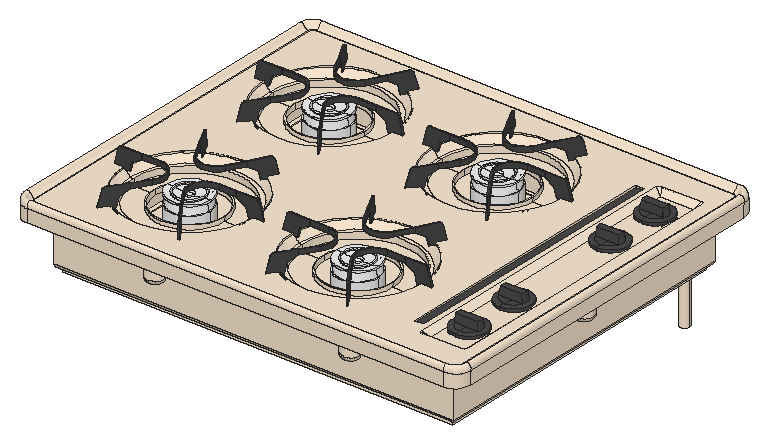
Revit family "QF_Summit_SNL03P_Cooktop", category Specialty Equipment, Revit 2020
Family settings
  Round Connector Dimension = Use Diameter
  Part Type = Normal
  Work Plane-Based = No
  Always vertical = Yes
  Cut with Voids When Loaded = No
  Shared = No
  Room Calculation Point = No
Parameters
  Weight in Pounds = 27
  URL Cutsheet = ""
  Specification by User = ""
  Specification by Manufacturer = ""
  Serial Number = ""
  Seismic Rating = ""
  SMACNA No = ""
  Revision Code = ""
  Plumbing Remarks = ""
  Plumbing Connection Type = ""
  NAFEM Spec ID Number = ""
  Model = "SNL03P"
  Masterspec = ""
  Manufacturer = "Summit"
  Length = 24"
  Item Number = ""
  Installed By = ""
  Identify Quantity as Lot = yes
  Height = 3 3/4"
  Gas Size = 0"
  Gas RI Height = 0"
  Gas KW = 0
  Gas Input = 9000.0 Btu/h
  Gas Connection Height = 0"
  Furnished By = ""
  Foodservice Equipment Identifier = yes
  Description = "Cooktop"
  Depth = 20"
  Default Elevation = 0"
  CSI MasterFormat = ""
Reference planes (in)
  plane 1 "BACK": y = 0
  plane 2: z = 0
  plane 3 "LEFT": x = 0
  plane 4 "RIGHT": x = 24
  plane 5 "FRONT": y = -20
  plane 6 "TOP": z = 3.75
  plane 7 "Center Y": x = 12
  plane 8 "Center X": y = -10
  plane 9: z = 2.75
  plane 10: z = 0.25
  plane 11: z = -2.75
Forms (in)
  Sweep 1, solid, material "QF_Plastic_Bisque_Smooth"
    path origin (0, 0, 3.74988) x (-1, 0, 0) y (0, -1, 0)
      loop
        line (-0.0625, 0.8125) -> (-0.0625, 19.1875)
        arc (-0.0625, 19.1875) -> (-0.28217, 19.71783) -> (-0.8125, 19.9375) r 0.75
        line (-0.8125, 19.9375) -> (-23.1875, 19.9375)
        arc (-23.1875, 19.9375) -> (-23.71783, 19.71783) -> (-23.9375, 19.1875) r 0.75
        line (-23.9375, 19.1875) -> (-23.9375, 0.8125)
        arc (-23.9375, 0.8125) -> (-23.71783, 0.28217) -> (-23.1875, 0.0625) r 0.75
        line (-23.1875, 0.0625) -> (-0.8125, 0.0625)
        arc (-0.8125, 0.0625) -> (-0.28217, 0.28217) -> (-0.0625, 0.8125) r 0.75
    profile origin (0.0625, -10, 3.74988) x (1, 0, 0) y (0, 0, 1)
      loop
        line (0.50007, -0.99988) -> (0.50007, -0.24988)
        spline (0.50007, -0.24988) -> (0.38683, -0.22526) -> (0.30986, -0.16677) -> (0.25459, -0.09746) -> (0.20654, -0.0403) -> (0.15715, -0.00897) -> (0.1083, -0.00102) -> (0.06291, -0.01235) -> (0.02367, -0.03905) -> (-0.00886, -0.07917) -> (-0.03532, -0.13183) -> (-0.05489, -0.20201) -> (-0.06266, -0.31115)
        line (-0.06266, -0.31115) -> (-0.06266, -0.99988) -> (0.50007, -0.99988)
  Extrusion 2, solid, material "QF_Plastic_Bisque_Smooth"
    sketch origin (23.1875, -0.5625, 3.24988) x (0, 1, 0) y (1, 0, 0)
      loop
        circle (-4.74127, -17.90956) r 3.49904
      loop
        line (-18.875, 0) -> (-18.875, -22.375)
        arc (-18.875, -22.375) -> (-18.80178, -22.55178) -> (-18.625, -22.625) r 0.25
        line (-18.625, -22.625) -> (-0.25, -22.625)
        arc (-0.25, -22.625) -> (-0.07322, -22.55178) -> (0, -22.375) r 0.25
        line (0, -22.375) -> (0, 0)
        arc (0, 0) -> (-0.07322, 0.17678) -> (-0.25, 0.25) r 0.25
        line (-0.25, 0.25) -> (-18.625, 0.25)
        arc (-18.625, 0.25) -> (-18.80178, 0.17678) -> (-18.875, 0) r 0.25
      loop
        circle (-4.74127, -8.85096) r 3.49904
      loop
        circle (-14.13373, -17.90956) r 3.49904
      loop
        circle (-14.13373, -8.85096) r 3.49904
    from 0.49988 to -0.25012
  Blend 3, void
    base sketch origin (23.18874, -0.56796, 3.54988) x (0, 1, 0) y (-1, 0, 0)
      loop
        arc (-1.25, 2.75) -> (-1.32322, 2.92678) -> (-1.5, 3) r 0.25
        line (-1.5, 3) -> (-17.375, 3)
        arc (-17.375, 3) -> (-17.55178, 2.92678) -> (-17.625, 2.75) r 0.25
        line (-17.625, 2.75) -> (-17.625, 0.5)
        arc (-17.625, 0.5) -> (-17.55178, 0.32322) -> (-17.375, 0.25) r 0.25
        line (-17.375, 0.25) -> (-1.5, 0.25)
        arc (-1.5, 0.25) -> (-1.32322, 0.32322) -> (-1.25, 0.5) r 0.25
        line (-1.25, 0.5) -> (-1.25, 2.75)
    top sketch origin (23.18874, -0.56796, 3.54988) x (0, 1, 0) y (-1, 0, 0)
      loop
        line (-1.71875, 2.53125) -> (-17.15625, 2.53125) -> (-17.15625, 0.71875) -> (-1.71875, 0.71875) -> (-1.71875, 2.53125)
    from 0.0625 to -0.31152
  Extrusion 4, void
    sketch origin (23.18874, -0.56796, 3.54988) x (0, 1, 0) y (-1, 0, 0)
      loop
        arc (-2, 3.5625) -> (-2.01831, 3.60669) -> (-2.0625, 3.625) r 0.0625
        line (-2.0625, 3.625) -> (-16.8125, 3.625)
        arc (-16.8125, 3.625) -> (-16.85669, 3.60669) -> (-16.875, 3.5625) r 0.0625
        line (-16.875, 3.5625) -> (-16.875, 3.1875)
        arc (-16.875, 3.1875) -> (-16.85669, 3.14331) -> (-16.8125, 3.125) r 0.0625
        line (-16.8125, 3.125) -> (-2.0625, 3.125)
        arc (-2.0625, 3.125) -> (-2.01831, 3.14331) -> (-2, 3.1875) r 0.0625
        line (-2, 3.1875) -> (-2, 3.5625)
    from 0.0625 to -0.125
  Revolve 5, solid, material "QF_Plastic_Black_Smooth"
    sketch origin (21.56528, -3, 0.23835) x (0, 1, 0) y (0, 0, 1)
      loop
        line (-0.75736, 3) -> (-0.50736, 3) -> (-0.50736, 3.07947) -> (0.15671, 3.07947) -> (0.15671, 3.2014)
        arc (0.15671, 3.2014) -> (0.03405, 3.23774) -> (-0.09329, 3.25) r 0.66737
        line (-0.09329, 3.25) -> (-0.75736, 3.25) -> (-0.75736, 3)
      axis (-0.75736, 3.25) -> (-0.75736, 3)
    angle from 0 to 360
  Blend 6, solid, material "QF_Plastic_Black_Smooth"
    base sketch origin (0, -3, 3.98835) x (-1, 0, 0) y (0, -1, 0)
      loop
        arc (-20.9318, 0.55812) -> (-20.90121, 0.75736) -> (-20.9318, 0.95659) r 0.66406
        line (-20.9318, 0.95659) -> (-22.19875, 0.95659)
        arc (-22.19875, 0.95659) -> (-22.22934, 0.75736) -> (-22.19875, 0.55812) r 0.66406
        line (-22.19875, 0.55812) -> (-20.9318, 0.55812)
    top sketch origin (0, -3, 3.98835) x (-1, 0, 0) y (0, -1, 0)
      loop
        arc (-20.98589, 0.57514) -> (-20.95791, 0.75736) -> (-20.98589, 0.93958) r 0.60736
        line (-20.98589, 0.93958) -> (-22.14466, 0.93958)
        arc (-22.14466, 0.93958) -> (-22.17264, 0.75736) -> (-22.14466, 0.57514) r 0.60736
        line (-22.14466, 0.57514) -> (-20.98589, 0.57514)
    from -0.5 to -0.05271
  Revolve 7, solid, material "QF_Plastic_Black_Smooth", not visible
    sketch origin (21.56528, -3, 0) x (0, 1, 0) y (0, 0, 1)
      loop
        line (-0.75736, 3) -> (-0.50736, 3) -> (-0.50736, 3.07947) -> (0.15671, 3.07947) -> (0.15671, 3.2014)
        arc (0.15671, 3.2014) -> (0.03405, 3.23774) -> (-0.09329, 3.25) r 0.66737
        line (-0.09329, 3.25) -> (-0.75736, 3.25) -> (-0.75736, 3)
      axis (-0.75736, 3.25) -> (-0.75736, 3)
    angle from 0 to 360
  Blend 8, solid, material "QF_Plastic_Black_Smooth", not visible
    base sketch origin (0, -3, 3.75) x (-1, 0, 0) y (0, -1, 0)
      loop
        arc (-20.9318, 0.55812) -> (-20.90121, 0.75736) -> (-20.9318, 0.95659) r 0.66406
        line (-20.9318, 0.95659) -> (-22.19875, 0.95659)
        arc (-22.19875, 0.95659) -> (-22.22934, 0.75736) -> (-22.19875, 0.55812) r 0.66406
        line (-22.19875, 0.55812) -> (-20.9318, 0.55812)
    top sketch origin (0, -3, 3.75) x (-1, 0, 0) y (0, -1, 0)
      loop
        arc (-20.98589, 0.57514) -> (-20.95791, 0.75736) -> (-20.98589, 0.93958) r 0.60736
        line (-20.98589, 0.93958) -> (-22.14466, 0.93958)
        arc (-22.14466, 0.93958) -> (-22.17264, 0.75736) -> (-22.14466, 0.57514) r 0.60736
        line (-22.14466, 0.57514) -> (-20.98589, 0.57514)
    from -0.5 to -0.05271
  Revolve 9, solid, material "QF_Plastic_Black_Smooth"
    sketch origin (21.56309, -3.00158, 0.23835) x (0, 1, 0) y (0, 0, 1)
      loop
        line (-3.75736, 3) -> (-3.50736, 3) -> (-3.50736, 3.07947) -> (-2.84329, 3.07947) -> (-2.84329, 3.2014)
        arc (-2.84329, 3.2014) -> (-2.96595, 3.23774) -> (-3.09329, 3.25) r 0.66737
        line (-3.09329, 3.25) -> (-3.75736, 3.25) -> (-3.75736, 3)
      axis (-3.75736, 3.25) -> (-3.75736, 3)
    angle from 0 to 360
  Blend 10, solid, material "QF_Plastic_Black_Smooth"
    base sketch origin (-0.00218, -3.00158, 3.98835) x (-1, 0, 0) y (0, -1, 0)
      loop
        arc (-20.9318, 3.55812) -> (-20.90121, 3.75736) -> (-20.9318, 3.95659) r 0.66406
        line (-20.9318, 3.95659) -> (-22.19875, 3.95659)
        arc (-22.19875, 3.95659) -> (-22.22934, 3.75736) -> (-22.19875, 3.55812) r 0.66406
        line (-22.19875, 3.55812) -> (-20.9318, 3.55812)
    top sketch origin (-0.00218, -3.00158, 3.98835) x (-1, 0, 0) y (0, -1, 0)
      loop
        arc (-20.98589, 3.57514) -> (-20.95791, 3.75736) -> (-20.98589, 3.93958) r 0.60736
        line (-20.98589, 3.93958) -> (-22.14466, 3.93958)
        arc (-22.14466, 3.93958) -> (-22.17264, 3.75736) -> (-22.14466, 3.57514) r 0.60736
        line (-22.14466, 3.57514) -> (-20.98589, 3.57514)
    from -0.5 to -0.05271
  Revolve 11, solid, material "QF_Plastic_Black_Smooth"
    sketch origin (21.56309, -6.00158, 0.23835) x (0, 1, 0) y (0, 0, 1)
      loop
        line (-10.24264, 3) -> (-10.24264, 3.25) -> (-10.90671, 3.25)
        arc (-10.90671, 3.25) -> (-11.03405, 3.23774) -> (-11.15671, 3.2014) r 0.66737
        line (-11.15671, 3.2014) -> (-11.15671, 3.07947) -> (-10.49264, 3.07947) -> (-10.49264, 3) -> (-10.24264, 3)
      axis (-10.24264, 3.25) -> (-10.24264, 3)
    angle from 0 to 360
  Blend 12, solid, material "QF_Plastic_Black_Smooth"
    base sketch origin (-0.00218, -6.00158, 3.98835) x (-1, 0, 0) y (0, -1, 0)
      loop
        line (-20.9318, 10.44188) -> (-22.19875, 10.44188)
        arc (-22.19875, 10.44188) -> (-22.22934, 10.24264) -> (-22.19875, 10.04341) r 0.66406
        line (-22.19875, 10.04341) -> (-20.9318, 10.04341)
        arc (-20.9318, 10.04341) -> (-20.90121, 10.24264) -> (-20.9318, 10.44188) r 0.66406
    top sketch origin (-0.00218, -6.00158, 3.98835) x (-1, 0, 0) y (0, -1, 0)
      loop
        line (-20.98589, 10.42486) -> (-22.14466, 10.42486)
        arc (-22.14466, 10.42486) -> (-22.17264, 10.24264) -> (-22.14466, 10.06042) r 0.60736
        line (-22.14466, 10.06042) -> (-20.98589, 10.06042)
        arc (-20.98589, 10.06042) -> (-20.95791, 10.24264) -> (-20.98589, 10.42486) r 0.60736
    from -0.5 to -0.05271
  Revolve 13, solid, material "QF_Plastic_Black_Smooth"
    sketch origin (21.56309, -3.00158, 0.23835) x (0, 1, 0) y (0, 0, 1)
      loop
        line (-10.24264, 3) -> (-10.24264, 3.25) -> (-10.90671, 3.25)
        arc (-10.90671, 3.25) -> (-11.03405, 3.23774) -> (-11.15671, 3.2014) r 0.66737
        line (-11.15671, 3.2014) -> (-11.15671, 3.07947) -> (-10.49264, 3.07947) -> (-10.49264, 3) -> (-10.24264, 3)
      axis (-10.24264, 3.25) -> (-10.24264, 3)
    angle from 0 to 360
  Blend 14, solid, material "QF_Plastic_Black_Smooth"
    base sketch origin (-0.00218, -3.00158, 3.98835) x (-1, 0, 0) y (0, -1, 0)
      loop
        line (-20.9318, 10.44188) -> (-22.19875, 10.44188)
        arc (-22.19875, 10.44188) -> (-22.22934, 10.24264) -> (-22.19875, 10.04341) r 0.66406
        line (-22.19875, 10.04341) -> (-20.9318, 10.04341)
        arc (-20.9318, 10.04341) -> (-20.90121, 10.24264) -> (-20.9318, 10.44188) r 0.66406
    top sketch origin (-0.00218, -3.00158, 3.98835) x (-1, 0, 0) y (0, -1, 0)
      loop
        line (-20.98589, 10.42486) -> (-22.14466, 10.42486)
        arc (-22.14466, 10.42486) -> (-22.17264, 10.24264) -> (-22.14466, 10.06042) r 0.60736
        line (-22.14466, 10.06042) -> (-20.98589, 10.06042)
        arc (-20.98589, 10.06042) -> (-20.95791, 10.24264) -> (-20.98589, 10.42486) r 0.60736
    from -0.5 to -0.05271
  Revolve 15, solid, material "QF_Plastic_Black_Smooth", not visible
    sketch origin (21.56528, -20.00316, 0) x (0, 1, 0) y (0, 0, 1)
      loop
        line (16.2458, 3) -> (16.4958, 3) -> (16.4958, 3.07947) -> (17.15986, 3.07947) -> (17.15986, 3.2014)
        arc (17.15986, 3.2014) -> (17.0372, 3.23774) -> (16.90986, 3.25) r 0.66737
        line (16.90986, 3.25) -> (16.2458, 3.25) -> (16.2458, 3)
      axis (16.2458, 3.25) -> (16.2458, 3)
    angle from 0 to 360
  Blend 16, solid, material "QF_Plastic_Black_Smooth", not visible
    base sketch origin (0, -20.00316, 3.75) x (-1, 0, 0) y (0, -1, 0)
      loop
        arc (-20.9318, -16.44503) -> (-20.90121, -16.2458) -> (-20.9318, -16.04657) r 0.66406
        line (-20.9318, -16.04657) -> (-22.19875, -16.04657)
        arc (-22.19875, -16.04657) -> (-22.22934, -16.2458) -> (-22.19875, -16.44503) r 0.66406
        line (-22.19875, -16.44503) -> (-20.9318, -16.44503)
    top sketch origin (0, -20.00316, 3.75) x (-1, 0, 0) y (0, -1, 0)
      loop
        arc (-20.98589, -16.42802) -> (-20.95791, -16.2458) -> (-20.98589, -16.06358) r 0.60736
        line (-20.98589, -16.06358) -> (-22.14466, -16.06358)
        arc (-22.14466, -16.06358) -> (-22.17264, -16.2458) -> (-22.14466, -16.42802) r 0.60736
        line (-22.14466, -16.42802) -> (-20.98589, -16.42802)
    from -0.5 to -0.05271
  Extrusion 17, solid, material "QF_Plastic_Bisque_Smooth"
    sketch origin (9.68847, 8.08075, 0) x (-1, 0, 0) y (0, 1, 0)
      loop
        circle (-12, -10) r 0.25
    from -0.25 to 2.75
  Sweep 18, solid, material "QF_Plastic_Bisque_Smooth"
    path origin (0, 0, 0) x (1, 0, 0) y (0, 1, 0)
      loop
        line (22.75, -1.25) -> (1.25, -1.25) -> (1.25, -18.75) -> (22.75, -18.75) -> (22.75, -1.25)
    profile origin (22.75, -10, 0) x (1, 0, 0) y (0, 0, 1)
      loop
        line (-0.25, 0) -> (-0.25, 0.25) -> (-0.13174, 0.25)
        arc (-0.13174, 0.25) -> (-0.03859, 0.28859) -> (0, 0.38174) r 0.13174
        line (0, 0.38174) -> (0, 2.75) -> (-0.125, 2.75) -> (-0.125, 0.375) -> (-0.375, 0.375) -> (-0.375, 0) -> (-0.25, 0)
  Extrusion 19, solid, material "QF_Plastic_Bisque_Smooth"
    sketch origin (22.375, -1.625, 0.375) x (0, -1, 0) y (1, 0, 0)
      loop
        line (0, -20.75) -> (16.75, -20.75) -> (16.75, 0) -> (0, 0) -> (0, -20.75)
    from 0 to -0.125
  Extrusion 20, solid, material "QF_Plastic_Bisque_Smooth"
    sketch origin (22.375, -1.625, 0.25) x (1, 0, 0) y (0, -1, 0)
      loop
        circle (-1.43653, 0.29425) r 0.25
    from 0 to 0.0625
  Revolve 21, solid, material "QF_Plastic_Bisque_Smooth"
    sketch origin (0, -10, 0) x (1, 0, 0) y (0, 0, 1)
      loop
        line (1.25, 2.75) -> (0.75, 2.75) -> (0.75, 1.75)
        arc (0.75, 1.75) -> (0.8255, 1.58445) -> (1, 1.5329) r 0.21926
        line (1, 1.5329) -> (1.25, 1.5329) -> (1.25, 2.75)
      axis (1.25, 1.5329) -> (1.25, 2.75)
    angle from -90 to 90
  Revolve 22, solid, material "QF_Plastic_Bisque_Smooth"
    sketch origin (24, -10, 0) x (-1, 0, 0) y (0, 0, -1)
      loop
        line (1.25, -2.75) -> (1.25, -1.5329) -> (1, -1.5329)
        arc (1, -1.5329) -> (0.8255, -1.58445) -> (0.75, -1.75) r 0.21926
        line (0.75, -1.75) -> (0.75, -2.75) -> (1.25, -2.75)
      axis (1.25, -1.5329) -> (1.25, -2.75)
    angle from -90 to 90
  Revolve 23, solid, material "QF_Plastic_Bisque_Smooth"
    sketch origin (18.44698, -1.25, 0) x (-1, 0, 0) y (0, 0, -1)
      loop
        line (1.25, -2.75) -> (1.25, -1.5329) -> (1, -1.5329)
        arc (1, -1.5329) -> (0.8255, -1.58445) -> (0.75, -1.75) r 0.21926
        line (0.75, -1.75) -> (0.75, -2.75) -> (1.25, -2.75)
      axis (1.25, -1.5329) -> (1.25, -2.75)
    angle from 0 to 180
  Revolve 24, solid, material "QF_Plastic_Bisque_Smooth"
    sketch origin (7.94698, -1.25, 0) x (-1, 0, 0) y (0, 0, -1)
      loop
        line (1.25, -2.75) -> (1.25, -1.5329) -> (1, -1.5329)
        arc (1, -1.5329) -> (0.8255, -1.58445) -> (0.75, -1.75) r 0.21926
        line (0.75, -1.75) -> (0.75, -2.75) -> (1.25, -2.75)
      axis (1.25, -1.5329) -> (1.25, -2.75)
    angle from 0 to 180
  Revolve 25, solid, material "QF_Plastic_Bisque_Smooth"
    sketch origin (18.44698, -18.75, 0) x (-1, 0, 0) y (0, 0, 1)
      loop
        line (1.25, 2.75) -> (0.75, 2.75) -> (0.75, 1.75)
        arc (0.75, 1.75) -> (0.8255, 1.58445) -> (1, 1.5329) r 0.21926
        line (1, 1.5329) -> (1.25, 1.5329) -> (1.25, 2.75)
      axis (1.25, 1.5329) -> (1.25, 2.75)
    angle from 0 to 180
  Revolve 26, solid, material "QF_Plastic_Bisque_Smooth"
    sketch origin (7.94698, -18.75, 0) x (-1, 0, 0) y (0, 0, 1)
      loop
        line (1.25, 2.75) -> (0.75, 2.75) -> (0.75, 1.75)
        arc (0.75, 1.75) -> (0.8255, 1.58445) -> (1, 1.5329) r 0.21926
        line (1, 1.5329) -> (1.25, 1.5329) -> (1.25, 2.75)
      axis (1.25, 1.5329) -> (1.25, 2.75)
    angle from 0 to 180
Cuts and joins
  Blend 3, Extrusion 4 cuts Extrusion 2
Lines and regions (in)
  symbolic lines
    curve 1: arc (21.56528, -2.84329, 3.98835) -> (20.65121, -3.75736, 3.98835) -> (21.56528, -4.67142, 3.98835) r 0.91406
    curve 2: arc (21.56528, -4.67142, 3.98835) -> (22.47934, -3.75736, 3.98835) -> (21.56528, -2.84329, 3.98835) r 0.91406
    curve 3: line (20.9318, -3.55812, 3.98835) -> (22.19875, -3.55812, 3.98835)
    curve 4: line (22.19875, -3.95659, 3.98835) -> (20.9318, -3.95659, 3.98835)
    curve 5: arc (20.9318, -3.55812, 3.98835) -> (20.90121, -3.75736, 3.98835) -> (20.9318, -3.95659, 3.98835) r 0.66406
    curve 6: arc (22.19875, -3.95659, 3.98835) -> (22.22934, -3.75736, 3.98835) -> (22.19875, -3.55812, 3.98835) r 0.66406
    curve 13: arc (21.56309, -5.84487, 3.98835) -> (20.64903, -6.75893, 3.98835) -> (21.56309, -7.673, 3.98835) r 0.91406
    curve 14: arc (21.56309, -7.673, 3.98835) -> (22.47716, -6.75893, 3.98835) -> (21.56309, -5.84487, 3.98835) r 0.91406
    curve 15: line (20.92962, -6.5597, 3.98835) -> (22.19657, -6.5597, 3.98835)
    curve 16: line (22.19657, -6.95817, 3.98835) -> (20.92962, -6.95817, 3.98835)
    curve 17: arc (20.92962, -6.5597, 3.98835) -> (20.89903, -6.75893, 3.98835) -> (20.92962, -6.95817, 3.98835) r 0.66406
    curve 18: arc (22.19657, -6.95817, 3.98835) -> (22.22716, -6.75893, 3.98835) -> (22.19657, -6.5597, 3.98835) r 0.66406
    curve 19: arc (21.56309, -17.15828, 3.98835) -> (20.64903, -16.24422, 3.98835) -> (21.56309, -15.33016, 3.98835) r 0.91406
    curve 20: arc (21.56309, -15.33016, 3.98835) -> (22.47716, -16.24422, 3.98835) -> (21.56309, -17.15828, 3.98835) r 0.91406
    curve 21: line (20.92962, -16.44345, 3.98835) -> (22.19657, -16.44345, 3.98835)
    curve 22: line (22.19657, -16.04499, 3.98835) -> (20.92962, -16.04499, 3.98835)
    curve 23: arc (20.92962, -16.44345, 3.98835) -> (20.89903, -16.24422, 3.98835) -> (20.92962, -16.04499, 3.98835) r 0.66406
    curve 24: arc (22.19657, -16.04499, 3.98835) -> (22.22716, -16.24422, 3.98835) -> (22.19657, -16.44345, 3.98835) r 0.66406
    curve 25: arc (21.56309, -14.15828, 3.98835) -> (20.64903, -13.24422, 3.98835) -> (21.56309, -12.33016, 3.98835) r 0.91406
    curve 26: arc (21.56309, -12.33016, 3.98835) -> (22.47716, -13.24422, 3.98835) -> (21.56309, -14.15828, 3.98835) r 0.91406
    curve 27: line (20.92962, -13.44345, 3.98835) -> (22.19657, -13.44345, 3.98835)
    curve 28: line (22.19657, -13.04499, 3.98835) -> (20.92962, -13.04499, 3.98835)
    curve 29: arc (20.92962, -13.44345, 3.98835) -> (20.89903, -13.24422, 3.98835) -> (20.92962, -13.04499, 3.98835) r 0.66406
    curve 30: arc (22.19657, -13.04499, 3.98835) -> (22.22716, -13.24422, 3.98835) -> (22.19657, -13.44345, 3.98835) r 0.66406
    curve 37: line (0.5625, -0.8125, 0) -> (0.5625, -19.1875, 0)
    curve 38: line (23.1875, -0.5625, 0) -> (0.8125, -0.5625, 0)
    curve 39: arc (0.5625, -0.8125, 0) -> (0.63572, -0.63572, 0) -> (0.8125, -0.5625, 0) r 0.25
    curve 40: arc (23.1875, -0.5625, 0) -> (23.36428, -0.63572, 0) -> (23.4375, -0.8125, 0) r 0.25
    curve 41: line (23.4375, -19.1875, 0) -> (23.4375, -0.8125, 0)
    curve 42: line (22.46999, -2.28671, 0) -> (20.65749, -2.28671, 0)
    curve 43: line (20.65749, -2.28671, 0) -> (20.65749, -17.72421, 0)
    curve 44: line (20.65749, -17.72421, 0) -> (22.46999, -17.72421, 0)
    curve 45: line (22.46999, -17.72421, 0) -> (22.46999, -2.28671, 0)
    curve 46: line (20.50446, -1.9588, 0) -> (22.62302, -1.9588, 0)
    curve 47: arc (22.62302, -1.9588, 0) -> (22.74668, -2.01002, 0) -> (22.7979, -2.13368, 0) r 0.17489
    curve 48: line (22.7979, -2.13368, 0) -> (22.7979, -17.87723, 0)
    curve 49: arc (22.7979, -17.87723, 0) -> (22.74668, -18.0009, 0) -> (22.62302, -18.05212, 0) r 0.17489
    curve 50: line (22.62302, -18.05212, 0) -> (20.50446, -18.05212, 0)
    curve 51: arc (20.50446, -18.05212, 0) -> (20.3808, -18.0009, 0) -> (20.32958, -17.87723, 0) r 0.17489
    curve 52: line (20.32958, -17.87723, 0) -> (20.32958, -2.13368, 0)
    curve 53: arc (20.32958, -2.13368, 0) -> (20.3808, -2.01002, 0) -> (20.50446, -1.9588, 0) r 0.17489
    curve 54: line (19.56374, -17.38046, 0) -> (19.56374, -2.63046, 0)
    curve 55: arc (19.56374, -2.63046, 0) -> (19.58205, -2.58626, 0) -> (19.62624, -2.56796, 0) r 0.0625
    curve 56: line (19.62624, -2.56796, 0) -> (20.00124, -2.56796, 0)
    curve 57: arc (20.00124, -2.56796, 0) -> (20.04543, -2.58626, 0) -> (20.06374, -2.63046, 0) r 0.0625
    curve 58: line (20.06374, -2.63046, 0) -> (20.06374, -17.38046, 0)
    curve 59: arc (20.06374, -17.38046, 0) -> (20.04543, -17.42465, 0) -> (20.00124, -17.44296, 0) r 0.0625
    curve 60: line (20.00124, -17.44296, 0) -> (19.62624, -17.44296, 0)
    curve 61: arc (19.62624, -17.44296, 0) -> (19.58205, -17.42465, 0) -> (19.56374, -17.38046, 0) r 0.0625
    curve 62: line (0.8125, -19.4375, 0) -> (23.1875, -19.4375, 0)
    curve 63: arc (23.4375, -19.1875, 0) -> (23.36428, -19.36428, 0) -> (23.1875, -19.4375, 0) r 0.25
    curve 64: arc (0.8125, -19.4375, 0) -> (0.63572, -19.36428, 0) -> (0.5625, -19.1875, 0) r 0.25
    curve 65: line (-0.00016, -19.1875, 0) -> (-0.00016, -0.8125, 0)
    curve 66: arc (-0.00016, -0.8125, 0) -> (0.23786, -0.23786, 0) -> (0.8125, 0.00016, 0) r 0.81266
    curve 67: line (0.8125, 0.00016, 0) -> (23.1875, 0.00016, 0)
    curve 68: arc (23.1875, 0.00016, 0) -> (23.76214, -0.23786, 0) -> (24.00016, -0.8125, 0) r 0.81266
    curve 69: line (24.00016, -0.8125, 0) -> (24.00016, -19.1875, 0)
    curve 70: arc (24.00016, -19.1875, 0) -> (23.76214, -19.76214, 0) -> (23.1875, -20.00016, 0) r 0.81266
    curve 71: line (23.1875, -20.00016, 0) -> (0.8125, -20.00016, 0)
    curve 72: arc (0.8125, -20.00016, 0) -> (0.23786, -19.76214, 0) -> (-0.00016, -19.1875, 0) r 0.81266
  symbolic lines, not visible
    curve 7: arc (21.56528, -2.84329, 3.75) -> (20.65121, -3.75736, 3.75) -> (21.56528, -4.67142, 3.75) r 0.91406
    curve 8: arc (21.56528, -4.67142, 3.75) -> (22.47934, -3.75736, 3.75) -> (21.56528, -2.84329, 3.75) r 0.91406
    curve 9: line (20.9318, -3.55812, 3.75) -> (22.19875, -3.55812, 3.75)
    curve 10: line (22.19875, -3.95659, 3.75) -> (20.9318, -3.95659, 3.75)
    curve 11: arc (20.9318, -3.55812, 3.75) -> (20.90121, -3.75736, 3.75) -> (20.9318, -3.95659, 3.75) r 0.66406
    curve 12: arc (22.19875, -3.95659, 3.75) -> (22.22934, -3.75736, 3.75) -> (22.19875, -3.55812, 3.75) r 0.66406
    curve 31: arc (21.56528, -2.84329, 3.75) -> (20.65121, -3.75736, 3.75) -> (21.56528, -4.67142, 3.75) r 0.91406
    curve 32: arc (21.56528, -4.67142, 3.75) -> (22.47934, -3.75736, 3.75) -> (21.56528, -2.84329, 3.75) r 0.91406
    curve 33: line (20.9318, -3.55812, 3.75) -> (22.19875, -3.55812, 3.75)
    curve 34: line (22.19875, -3.95659, 3.75) -> (20.9318, -3.95659, 3.75)
    curve 35: arc (20.9318, -3.55812, 3.75) -> (20.90121, -3.75736, 3.75) -> (20.9318, -3.95659, 3.75) r 0.66406
    curve 36: arc (22.19875, -3.95659, 3.75) -> (22.22934, -3.75736, 3.75) -> (22.19875, -3.55812, 3.75) r 0.66406
Dimensions and locks (in)
  equal spacing: plane 3 "LEFT", plane 7 "Center Y", plane 4 "RIGHT"
  "Length": plane 3 "LEFT" to plane 4 "RIGHT"
  equal spacing: plane 5 "FRONT", plane 8 "Center X", plane 1 "BACK"
  "Depth": plane 5 "FRONT" to plane 1 "BACK"
  "Height": plane 6 "TOP" to level
  plane 9 to plane 10 = 2 1/2"
  plane 10 to plane 11 = 3"
  plane 6 "TOP" to plane 9 = 1"
  aligned and locked: level to plane 2
Automatic sketch dimensions
  Blend 6 sketch curve to Blend 6 sketch curve = 0.63347"  (x2)
  Blend 6 sketch curve to Blend 6 sketch curve = 51/256"
  Blend 6 sketch curve to Blend 6 sketch curve = 0"  (x10)
  Blend 6 sketch curve to Blend 6 sketch curve = 0.57938"  (x2)
  Blend 6 sketch curve to Blend 6 sketch curve = 0.18222"
  curve 4 to curve 1 = 0.63347"
  curve 3 to curve 1 = 51/256"
  curve 2 to curve 5 = 183/256"
  curve 3 to curve 4 = 0"
  curve 2 to curve 3 = 0.63347"
  curve 2 to curve 5 = 0"  (x4)
  curve 2 to curve 6 = 0"  (x3)
  curve 5 to curve 6 = 0"  (x3)
  curve 1 to curve 2 = 0"  (x2)
  curve 1 to curve 5 = 0"  (x2)
  curve 1 to curve 6 = 0"  (x2)
  Blend 8 sketch curve to Blend 8 sketch curve = 0.63347"  (x2)
  Blend 8 sketch curve to Blend 8 sketch curve = 51/256"
  Blend 8 sketch curve to Blend 8 sketch curve = 0"  (x10)
  Blend 8 sketch curve to Blend 8 sketch curve = 0.57938"  (x2)
  Blend 8 sketch curve to Blend 8 sketch curve = 0.18222"
  curve 10 to curve 7 = 0.63347"
  curve 9 to curve 7 = 51/256"
  curve 8 to curve 11 = 183/256"
  curve 9 to curve 10 = 0"
  curve 8 to curve 9 = 0.63347"
  curve 8 to curve 11 = 0"  (x4)
  curve 8 to curve 12 = 0"  (x3)
  curve 11 to curve 12 = 0"  (x3)
  curve 7 to curve 8 = 0"  (x2)
  curve 7 to curve 11 = 0"  (x2)
  curve 7 to curve 12 = 0"  (x2)
  Revolve 9 sketch curve to Revolve 9 sketch curve = 1/4"  (x2)
  Revolve 9 sketch curve to Revolve 9 sketch curve = 53/128"
  Revolve 9 sketch curve to Revolve 9 sketch curve = 85/128"
  Revolve 9 sketch curve to Revolve 9 sketch curve = 0"
  Revolve 9 sketch curve to Revolve 9 sketch curve = 0.12193"
  Blend 10 sketch curve to Blend 10 sketch curve = 0.63347"  (x2)
  Blend 10 sketch curve to Blend 10 sketch curve = 51/256"
  Blend 10 sketch curve to Blend 10 sketch curve = 0"  (x10)
  Blend 10 sketch curve to Blend 10 sketch curve = 0.57938"  (x2)
  Blend 10 sketch curve to Blend 10 sketch curve = 0.18222"
  Revolve 9 sketch curve to Revolve 9 sketch curve = 0.41737"
  Revolve 9 sketch curve to Revolve 9 sketch curve = 0.07947"
  Revolve 9 sketch curve to Revolve 9 sketch curve = 0.30818"
  Revolve 11 sketch curve to Revolve 11 sketch curve = 1/4"  (x2)
  Revolve 11 sketch curve to Revolve 11 sketch curve = 53/128"
  Revolve 11 sketch curve to Revolve 11 sketch curve = 85/128"
  Revolve 11 sketch curve to Revolve 11 sketch curve = 0"
  Revolve 11 sketch curve to Revolve 11 sketch curve = 0.12193"
  Blend 12 sketch curve to Blend 12 sketch curve = 0.63347"  (x2)
  Blend 12 sketch curve to Blend 12 sketch curve = 51/256"
  Blend 12 sketch curve to Blend 12 sketch curve = 0"  (x10)
  Blend 12 sketch curve to Blend 12 sketch curve = 0.57938"  (x2)
  Blend 12 sketch curve to Blend 12 sketch curve = 0.18222"
  Revolve 11 sketch curve to Revolve 11 sketch curve = 0.41737"
  Revolve 11 sketch curve to Revolve 11 sketch curve = 0.07947"
  Revolve 11 sketch curve to Revolve 11 sketch curve = 0.30818"
  Revolve 13 sketch curve to Revolve 13 sketch curve = 1/4"  (x2)
  Revolve 13 sketch curve to Revolve 13 sketch curve = 53/128"
  Revolve 13 sketch curve to Revolve 13 sketch curve = 85/128"
  Revolve 13 sketch curve to Revolve 13 sketch curve = 0"
  Revolve 13 sketch curve to Revolve 13 sketch curve = 0.12193"
  Blend 14 sketch curve to Blend 14 sketch curve = 0.63347"  (x2)
  Blend 14 sketch curve to Blend 14 sketch curve = 51/256"
  Blend 14 sketch curve to Blend 14 sketch curve = 0"  (x10)
  Blend 14 sketch curve to Blend 14 sketch curve = 0.57938"  (x2)
  Blend 14 sketch curve to Blend 14 sketch curve = 0.18222"
  Revolve 13 sketch curve to Revolve 13 sketch curve = 0.41737"
  Revolve 13 sketch curve to Revolve 13 sketch curve = 0.07947"
  Revolve 13 sketch curve to Revolve 13 sketch curve = 0.30818"
  curve 16 to curve 13 = 0.63347"
  curve 15 to curve 13 = 51/256"
  curve 14 to curve 17 = 183/256"
  curve 15 to curve 16 = 0"
  curve 14 to curve 15 = 0.63347"
  curve 14 to curve 17 = 0"  (x4)
  curve 14 to curve 18 = 0"  (x3)
  curve 17 to curve 18 = 0"  (x3)
  curve 13 to curve 14 = 0"  (x2)
  curve 13 to curve 17 = 0"  (x2)
  curve 13 to curve 18 = 0"  (x2)
  curve 22 to curve 19 = 0.63347"
  curve 19 to curve 21 = 51/256"
  curve 23 to curve 20 = 183/256"
  curve 21 to curve 22 = 0"
  curve 20 to curve 21 = 0.63347"
  curve 20 to curve 23 = 0"  (x4)
  curve 20 to curve 24 = 0"  (x3)
  curve 23 to curve 24 = 0"  (x3)
  curve 19 to curve 20 = 0"  (x2)
  curve 19 to curve 23 = 0"  (x2)
  curve 19 to curve 24 = 0"  (x2)
  curve 28 to curve 25 = 0.63347"
  curve 25 to curve 27 = 51/256"
  curve 29 to curve 26 = 183/256"
  curve 27 to curve 28 = 0"
  curve 26 to curve 27 = 0.63347"
  curve 26 to curve 29 = 0"  (x4)
  curve 26 to curve 30 = 0"  (x3)
  curve 29 to curve 30 = 0"  (x3)
  curve 25 to curve 26 = 0"  (x2)
  curve 25 to curve 29 = 0"  (x2)
  curve 25 to curve 30 = 0"  (x2)
  Revolve 15 sketch curve to Revolve 15 sketch curve = 1/4"  (x2)
  Revolve 15 sketch curve to Revolve 15 sketch curve = 53/128"
  Revolve 15 sketch curve to Revolve 15 sketch curve = 85/128"
  Revolve 15 sketch curve to Revolve 15 sketch curve = 0"
  Revolve 15 sketch curve to Revolve 15 sketch curve = 0.12193"
  Blend 16 sketch curve to Blend 16 sketch curve = 0.63347"  (x2)
  Blend 16 sketch curve to Blend 16 sketch curve = 51/256"
  Blend 16 sketch curve to Blend 16 sketch curve = 0"  (x10)
  Blend 16 sketch curve to Blend 16 sketch curve = 0.57938"  (x2)
  Blend 16 sketch curve to Blend 16 sketch curve = 0.18222"
  Revolve 15 sketch curve to Revolve 15 sketch curve = 0.41737"
  Revolve 15 sketch curve to Revolve 15 sketch curve = 0.07947"
  Revolve 15 sketch curve to Revolve 15 sketch curve = 0.30818"
  curve 34 to curve 31 = 0.63347"
  curve 33 to curve 31 = 51/256"
  curve 32 to curve 35 = 183/256"
  curve 33 to curve 34 = 0"
  curve 32 to curve 33 = 0.63347"
  curve 32 to curve 35 = 0"  (x4)
  curve 32 to curve 36 = 0"  (x3)
  curve 35 to curve 36 = 0"  (x3)
  curve 31 to curve 32 = 0"  (x2)
  curve 31 to curve 35 = 0"  (x2)
  curve 31 to curve 36 = 0"  (x2)
  Revolve 5 sketch curve to Revolve 5 sketch curve = 1/4"  (x2)
  Revolve 5 sketch curve to Revolve 5 sketch curve = 53/128"
  Revolve 5 sketch curve to Revolve 5 sketch curve = 0.41737"
  Revolve 5 sketch curve to Revolve 5 sketch curve = 0.07947"
  Revolve 5 sketch curve to Revolve 5 sketch curve = 0.12193"
  Revolve 5 sketch curve to Revolve 5 sketch curve = 0"  (x2)
  Revolve 5 sketch curve to Revolve 5 sketch curve = 0.30818"
  Revolve 7 sketch curve to Revolve 7 sketch curve = 1/4"  (x2)
  Revolve 7 sketch curve to Revolve 7 sketch curve = 53/128"
  Revolve 7 sketch curve to Revolve 7 sketch curve = 0.41737"
  Revolve 7 sketch curve to Revolve 7 sketch curve = 0.07947"
  Revolve 7 sketch curve to Revolve 7 sketch curve = 0.12193"
  Revolve 7 sketch curve to Revolve 7 sketch curve = 0"  (x2)
  Revolve 7 sketch curve to Revolve 7 sketch curve = 0.30818"
  plane 4 "RIGHT" to Sweep 1 sketch curve = 1/16"
  Sweep 1 sketch curve to Sweep 1 sketch curve = 3/4"
  Sweep 1 sketch curve to plane 5 "FRONT" = 1/16"
  plane 4 "RIGHT" to Sweep 1 sketch curve = 13/16"
  plane 3 "LEFT" to Sweep 1 sketch curve = 13/16"  (x2)
  plane 3 "LEFT" to Sweep 1 sketch curve = 1/16"
  plane 1 "BACK" to Sweep 1 sketch curve = 13/16"
  profile plane to Sweep 1 sketch curve = 0.06266"
  Sweep 1 sketch curve to profile plane = 0.50007"
  Sweep 1 sketch curve to profile plane = 0.99988"
  Sweep 1 sketch curve to profile plane = 0.31115"
  Sweep 1 sketch curve to profile plane = 0.24988"
  Extrusion 2 sketch curve to plane 5 "FRONT" = 9/16"
  Extrusion 2 sketch curve to Extrusion 2 sketch curve = 1/4"  (x3)
  Extrusion 2 sketch curve to plane 8 "Center X" = 4.69623"  (x2)
  plane 7 "Center Y" to Extrusion 2 sketch curve = 2.33654"  (x2)
  plane 8 "Center X" to Extrusion 2 sketch curve = 4.69623"  (x2)
  plane 1 "BACK" to Extrusion 2 sketch curve = 13/16"  (x2)
  plane 4 "RIGHT" to Extrusion 2 sketch curve = 13/16"
  plane 3 "LEFT" to Extrusion 2 sketch curve = 5.27794"  (x2)
  plane 3 "LEFT" to Extrusion 2 sketch curve = 13/16"
  Blend 3 sketch curve to plane 5 "FRONT" = 1.80704"
  Blend 3 sketch curve to Blend 3 sketch curve = 1/4"  (x3)
  plane 4 "RIGHT" to Blend 3 sketch curve = 1.31126"
  plane 1 "BACK" to Blend 3 sketch curve = 2.06796"  (x2)
  Blend 3 sketch curve to Blend 3 sketch curve = 2 1/4"
  Blend 3 sketch curve to plane 5 "FRONT" = 2.27579"
  plane 1 "BACK" to Blend 3 sketch curve = 2.28671"
  plane 4 "RIGHT" to Blend 3 sketch curve = 1.53001"
  Blend 3 sketch curve to Blend 3 sketch curve = 1 13/16"
  Extrusion 4 sketch curve to plane 5 "FRONT" = 2.55704"
  Extrusion 4 sketch curve to Extrusion 4 sketch curve = 1/16"  (x3)
  plane 1 "BACK" to Extrusion 4 sketch curve = 2.63046"
  Extrusion 4 sketch curve to Extrusion 4 sketch curve = 0"
  plane 4 "RIGHT" to Extrusion 4 sketch curve = 3.93626"
  Extrusion 4 sketch curve to Extrusion 4 sketch curve = 3/8"
  plane 4 "RIGHT" to Extrusion 17 sketch curve = 2.31153"
  plane 1 "BACK" to Extrusion 17 sketch curve = 1.91925"
  plane 3 "LEFT" to Sweep 18 sketch curve = 1 1/4"
  plane 4 "RIGHT" to Sweep 18 sketch curve = 1 1/4"
  Sweep 18 sketch curve to plane 5 "FRONT" = 1 1/4"
  plane 1 "BACK" to Sweep 18 sketch curve = 1 1/4"
  Sweep 18 sketch curve to level = 0"
  profile plane to Sweep 18 sketch curve = 0"
  profile plane to Sweep 18 sketch curve = 1/8"
  Sweep 18 sketch curve to Sweep 18 sketch curve = 0.00674"
  profile plane to Sweep 18 sketch curve = 1/4"
  Sweep 18 sketch curve to Sweep 18 sketch curve = 1/8"  (x2)
  level to Sweep 18 sketch curve = 1/4"
  Sweep 18 sketch curve to Sweep 18 sketch curve = 2.36826"
  Extrusion 19 sketch curve to Sweep 18 = 0"  (x4)
  Extrusion 20 sketch curve to Extrusion 20 sketch curve = 0"  (x2)
  Extrusion 19 to Extrusion 20 sketch curve = 0.29425"
  Extrusion 19 to Extrusion 20 sketch curve = 1.43653"
  Extrusion 20 sketch curve to Extrusion 20 sketch curve = 1/4"
  Revolve 21 sketch curve to plane 9 = 0"  (x2)
  plane 3 "LEFT" to Revolve 21 sketch curve = 3/4"
  Revolve 21 sketch curve to Revolve 21 sketch curve = 0.21926"
  Revolve 21 sketch curve to Revolve 21 sketch curve = 0.03074"
  Revolve 21 sketch curve to Revolve 21 sketch curve = 1/4"
  Revolve 21 sketch curve to plane 9 = 1"
  Revolve 21 sketch curve to Revolve 21 sketch curve = 0"
  plane 9 to Revolve 21 sketch curve = 0.41303"
  Revolve 22 sketch curve to plane 9 = 0"  (x2)
  plane 4 "RIGHT" to Revolve 22 sketch curve = 3/4"
  Revolve 22 sketch curve to Revolve 22 sketch curve = 0.21926"
  Revolve 22 sketch curve to Revolve 22 sketch curve = 0.03074"
  Revolve 22 sketch curve to Revolve 22 sketch curve = 1/4"
  Revolve 22 sketch curve to plane 9 = 1"
  Revolve 22 sketch curve to Revolve 22 sketch curve = 0"
  Revolve 22 sketch curve to Revolve 22 sketch curve = 0.41303"
  Revolve 23 sketch curve to plane 9 = 0"  (x2)
  Revolve 23 sketch curve to plane 9 = 1"
  plane 7 "Center Y" to Revolve 23 sketch curve = 5.69698"
  Revolve 23 sketch curve to Revolve 23 sketch curve = 0.21926"
  Revolve 23 sketch curve to Revolve 23 sketch curve = 0.03074"
  Revolve 23 sketch curve to Revolve 23 sketch curve = 1/4"
  Revolve 23 sketch curve to Revolve 23 sketch curve = 0"
  Revolve 23 sketch curve to Revolve 23 sketch curve = 0.41303"
  Revolve 24 sketch curve to plane 9 = 0"  (x2)
  Revolve 24 sketch curve to plane 9 = 1"
  Revolve 24 sketch curve to plane 7 "Center Y" = 4.80302"
  Revolve 24 sketch curve to Revolve 24 sketch curve = 0.21926"
  Revolve 24 sketch curve to Revolve 24 sketch curve = 0.03074"
  Revolve 24 sketch curve to Revolve 24 sketch curve = 1/4"
  Revolve 24 sketch curve to Revolve 24 sketch curve = 0"
  Revolve 24 sketch curve to Revolve 24 sketch curve = 0.41303"
  Revolve 25 sketch curve to plane 9 = 0"  (x2)
  Revolve 25 sketch curve to plane 9 = 1"
  plane 7 "Center Y" to Revolve 25 sketch curve = 5.69698"
  Revolve 25 sketch curve to Revolve 25 sketch curve = 0.21926"
  Revolve 25 sketch curve to Revolve 25 sketch curve = 0.03074"
  Revolve 25 sketch curve to Revolve 25 sketch curve = 1/4"
  Revolve 25 sketch curve to Revolve 25 sketch curve = 0"
  plane 9 to Revolve 25 sketch curve = 0.41303"
  Revolve 26 sketch curve to plane 9 = 0"  (x2)
  Revolve 26 sketch curve to plane 9 = 1"
  Revolve 26 sketch curve to plane 7 "Center Y" = 4.80302"
  Revolve 26 sketch curve to Revolve 26 sketch curve = 0.21926"
  Revolve 26 sketch curve to Revolve 26 sketch curve = 0.03074"
  Revolve 26 sketch curve to Revolve 26 sketch curve = 1/4"
  Revolve 26 sketch curve to Revolve 26 sketch curve = 0"
  plane 9 to Revolve 26 sketch curve = 0.41303"
  curve 39 to curve 66 = 0"  (x2)
  curve 40 to curve 68 = 0"  (x2)
  curve 63 to curve 70 = 0"  (x2)
  curve 64 to curve 72 = 0"
  curve 65 to plane 3 "LEFT" = 0.00016"
  plane 3 "LEFT" to curve 37 = 9/16"
  curve 37 to curve 38 = 1/4"
  curve 64 to curve 64 = 1/4"
  plane 4 "RIGHT" to curve 54 = 4.43626"
  curve 54 to curve 61 = 1/16"
  curve 54 to curve 56 = 1/16"
  curve 60 to curve 60 = 3/8"
  curve 55 to curve 57 = 3/8"
  curve 59 to curve 58 = 1/16"
  curve 56 to curve 52 = 0.32834"
  curve 51 to curve 51 = 0.17489"
  curve 53 to curve 46 = 0.17489"
  curve 51 to curve 43 = 0.15303"
  plane 4 "RIGHT" to curve 44 = 1.53001"
  curve 42 to curve 47 = 0.15303"  (x2)
  curve 44 to curve 50 = 0.15303"
  curve 47 to curve 48 = 0.17489"
  plane 4 "RIGHT" to curve 40 = 13/16"
  plane 5 "FRONT" to curve 71 = 0.00016"
  plane 4 "RIGHT" to curve 71 = 13/16"
  curve 40 to curve 41 = 1/4"
  curve 50 to plane 5 "FRONT" = 1.94788"
  curve 49 to curve 44 = 0.15303"
  curve 52 to curve 60 = 0.43428"
  plane 1 "BACK" to curve 55 = 2.63046"
  curve 57 to curve 43 = 11/32"
  plane 1 "BACK" to curve 68 = 13/16"
  radius of Extrusion 2 sketch curve = 3.49904"  (x4)
  radius of Extrusion 17 sketch curve = 1/4"
Nested families (in)
  nested 1: "Summit_Burner" at (1.52794, -1.55377, 0.18845), type "Summit_Burner"
  nested 2: "Summit_Burner" at (10.58654, -1.55377, 0.18845), type "Summit_Burner"
  nested 3: "Summit_Burner" at (1.52794, -10.94623, 0.18845), type "Summit_Burner"
  nested 4: "Summit_Burner" at (10.58654, -10.94623, 0.18845), type "Summit_Burner"
Connectors (in)
  piping at (21.68847, -1.91925, -2.75), diameter 0.5
    settings: on Extrusion 17, index 1, connector inside diameter 24", connector length 0", flow factor 0, pipe flow 0 GPM, pressure drop 0.00 psi, fitting loss kfactor 0, connector angle 0.00°, fixture units 0, engagement length 0", angle of deflection 0.00°, flow configuration 1, flow direction 1, fitting loss method 0, system type 7, joint type 0, gender type 0, connector reference index -1, connector utility 0, adjustable connector no, is connector primary yes, connector description "Gas Connection"
  electrical at (20.93847, -1.91925, 0.1875)
    settings: on Extrusion 20, index 2, voltage 0 V, apparent load 0 VA, apparent load phase1 0 VA, apparent load phase2 0 VA, apparent load phase3 0 VA, power factor 1, load classification "Other", number of poles 1, system type 30, power factor state 1, is connector primary yes, connector utility no, sub classification motor no, connector description "ELECTRICAL CONNECTION"
Definition of nested family "Summit_Burner"
  Parameters (values of type "Summit_Burner")
    Model = ""
    Manufacturer = "Summit"
    Length = 7 1/2"
    Height = 3 3/4"
    Description = "Cooktop"
    Depth = 7 1/2"
    Default Elevation = 0"
  Reference planes (in)
    plane 1 "BACK": y = 0
    plane 2: z = 0
    plane 3 "LEFT": x = 0
    plane 4 "RIGHT": x = 7.5
    plane 5 "FRONT": y = -7.5
    plane 6 "TOP": z = 3.75
    plane 7 "Center Y": x = 3.75
    plane 8 "Center X": y = -3.75
  Forms (in)
    Revolve 1, solid
      sketch origin (-1.00614, -3.75, 0) x (1, 0, 0) y (0, 0, 1)
        loop
          spline (4.75614, 3.2974) -> (4.72569, 3.2971) -> (4.69575, 3.29619) -> (4.66685, 3.2947) -> (4.63948, 3.29264) -> (4.6141, 3.29006) -> (4.59115, 3.28699) -> (4.57103, 3.28349) -> (4.55407, 3.27963) -> (4.54057, 3.27546) -> (4.53076, 3.27106) -> (4.52481, 3.2665) -> (4.52281, 3.26186)
          line (4.52281, 3.26186) -> (4.52281, 3.21696)
          arc (4.52281, 3.21696) -> (4.26371, 3.23312) -> (4.00936, 3.28508) r 1.86649
          line (4.00936, 3.28508) -> (4.00936, 3.32514)
          arc (4.00936, 3.32514) -> (3.98019, 3.35431) -> (3.95103, 3.32514) r 0.02917
          line (3.95103, 3.32514) -> (3.95103, 3.28508) -> (3.61868, 3.31928) -> (3.61868, 3.24108) -> (3.76857, 3.21465) -> (3.68998, 2.76893) -> (3.61868, 2.76893) -> (3.61868, 1.8356) -> (4.75614, 1.8356) -> (4.75614, 3.2974)
        loop
          line (1.55611, 2.9044) -> (1.25614, 3.26188) -> (1.25614, 2.50443) -> (2.91868, 2.50443) -> (2.91868, 2.76893) -> (2.86035, 2.76893) -> (2.86035, 2.56277) -> (1.75201, 2.56277) -> (1.75201, 2.9044) -> (1.55611, 2.9044)
        axis (4.75614, 1.8356) -> (4.75614, 3.32514)
      angle from 0 to 360
    Extrusion 2, solid
      sketch origin (0, 0, 3.75) x (-1, 0, 0) y (0, -1, 0)
        loop
          line (-2.5179, 1.48578) -> (-2.46271, 1.51512) -> (-2.90948, 2.35538)
          arc (-2.90948, 2.35538) -> (-3.75, 2.86041) -> (-4.59052, 2.35538) r 0.95194
          line (-4.59052, 2.35538) -> (-5.03729, 1.51512) -> (-4.9821, 1.48578) -> (-4.53533, 2.32603)
          arc (-4.53533, 2.32603) -> (-3.75, 2.79791) -> (-2.96467, 2.32603) r 0.88944
          line (-2.96467, 2.32603) -> (-2.5179, 1.48578)
        loop
          line (-1.21219, 3.78125) -> (-2.16384, 3.78125)
          arc (-2.16384, 3.78125) -> (-2.94917, 4.25312) -> (-2.90122, 5.16806) r 0.88944
          line (-2.90122, 5.16806) -> (-2.35458, 5.97849) -> (-2.40639, 6.01344) -> (-2.95303, 5.20301)
          arc (-2.95303, 5.20301) -> (-3.00435, 4.22378) -> (-2.16384, 3.71875) r 0.95194
          line (-2.16384, 3.71875) -> (-1.21219, 3.71875) -> (-1.21219, 3.78125)
        loop
          line (-6.28781, 3.78125) -> (-6.28781, 3.71875) -> (-5.33616, 3.71875)
          arc (-5.33616, 3.71875) -> (-4.49565, 4.22378) -> (-4.54697, 5.20301) r 0.95194
          line (-4.54697, 5.20301) -> (-5.09361, 6.01344) -> (-5.14542, 5.97849) -> (-4.59878, 5.16806)
          arc (-4.59878, 5.16806) -> (-4.55083, 4.25312) -> (-5.33616, 3.78125) r 0.88944
          line (-5.33616, 3.78125) -> (-6.28781, 3.78125)
      from 0.25 to 0.5
    Extrusion 3, solid
      sketch origin (0, -3.71875, 0) x (-1, 0, 0) y (0, 0, 1)
        loop
          line (-0.20802, 3.31155) -> (0.24994, 3.31155) -> (0.05937, 4.07589)
          arc (0.05937, 4.07589) -> (-0.02208, 4.20131) -> (-0.16348, 4.25) r 0.22968
          line (-0.16348, 4.25) -> (-1.21219, 4.25) -> (-1.21219, 4) -> (-0.67738, 3.69123) -> (-0.55416, 3.19699) -> (-0.30416, 3.19699) -> (-0.20802, 3.31155)
      from 0 to -0.0625
    Extrusion 4, solid
      sketch origin (1.67673, -6.98344, 0) x (-0.559193, -0.829038, 0) y (0, 0, 1)
        loop
          line (-0.20802, 3.31155) -> (0.24994, 3.31155) -> (0.05937, 4.07589)
          arc (0.05937, 4.07589) -> (-0.02208, 4.20131) -> (-0.16348, 4.25) r 0.22968
          line (-0.16348, 4.25) -> (-1.21219, 4.25) -> (-1.21219, 4) -> (-0.67738, 3.69123) -> (-0.55416, 3.19699) -> (-0.30416, 3.19699) -> (-0.20802, 3.31155)
      from 0 to -0.0625
    Extrusion 5, solid
      sketch origin (7.5, -3.71875, 0) x (1, 0, 0) y (0, 0, -1)
        loop
          line (-0.20802, -3.31155) -> (-0.30416, -3.19699) -> (-0.55416, -3.19699) -> (-0.67738, -3.69123) -> (-1.21219, -4) -> (-1.21219, -4.25) -> (-0.16348, -4.25)
          arc (-0.16348, -4.25) -> (-0.02208, -4.20131) -> (0.05937, -4.07589) r 0.22968
          line (0.05937, -4.07589) -> (0.24994, -3.31155) -> (-0.20802, -3.31155)
      from 0 to -0.0625
    Extrusion 6, solid
      sketch origin (5.82327, -6.98344, 0) x (0.559193, -0.829038, 0) y (0, 0, -1)
        loop
          line (-0.20802, -3.31155) -> (-0.30416, -3.19699) -> (-0.55416, -3.19699) -> (-0.67738, -3.69123) -> (-1.21219, -4) -> (-1.21219, -4.25) -> (-0.16348, -4.25)
          arc (-0.16348, -4.25) -> (-0.02208, -4.20131) -> (0.05937, -4.07589) r 0.22968
          line (0.05937, -4.07589) -> (0.24994, -3.31155) -> (-0.20802, -3.31155)
      from 0 to -0.0625
    Extrusion 7, solid
      sketch origin (1.94881, -0.41548, 0) x (-0.469472, 0.882948, 0) y (0, 0, 1)
        loop
          line (-0.20802, 3.31155) -> (0.24994, 3.31155) -> (0.05937, 4.07589)
          arc (0.05937, 4.07589) -> (-0.02208, 4.20131) -> (-0.16348, 4.25) r 0.22968
          line (-0.16348, 4.25) -> (-1.21219, 4.25) -> (-1.21219, 4) -> (-0.67738, 3.69123) -> (-0.55416, 3.19699) -> (-0.30416, 3.19699) -> (-0.20802, 3.31155)
      from 0 to -0.0625
    Extrusion 8, solid
      sketch origin (5.55119, -0.41548, 0) x (0.469472, 0.882948, 0) y (0, 0, -1)
        loop
          line (-0.20802, -3.31155) -> (-0.30416, -3.19699) -> (-0.55416, -3.19699) -> (-0.67738, -3.69123) -> (-1.21219, -4) -> (-1.21219, -4.25) -> (-0.16348, -4.25)
          arc (-0.16348, -4.25) -> (-0.02208, -4.20131) -> (0.05937, -4.07589) r 0.22968
          line (0.05937, -4.07589) -> (0.24994, -3.31155) -> (-0.20802, -3.31155)
      from 0 to -0.0625
  Lines and regions (in)
    symbolic lines
      curve 1: line (0, -7.5, 27) -> (0, -7.5, 26)
      curve 2: circle (3.75, -3.75, 3.75) r 0.80512 normal (0, 0, 1)
      curve 3: circle (3.75, -3.75, 3.75) r 0.74678 normal (0, 0, 1)
      curve 4: circle (3.75, -3.75, 3.75) r 0.23333 normal (0, 0, 1)
      curve 5: line (-0.24994, -3.78125, 3.75) -> (2.16384, -3.78125, 3.75)
      curve 6: line (2.1681, -3.71876, 3.75) -> (-0.24994, -3.71876, 3.75)
      curve 7: line (-0.24994, -3.71876, 3.75) -> (-0.24994, -3.78125, 3.75)
      curve 8: arc (1.92099, -6.73308, 3.75) -> (3.74054, -7.24735, 3.75) -> (5.56205, -6.74006, 3.75) r 3.49978
      curve 9: arc (2.08902, -6.48396, 3.75) -> (3.74048, -6.94686, 3.75) -> (5.39374, -6.49045, 3.75) r 3.19975
      curve 10: arc (2.80998, -5.39281, 3.75) -> (3.73378, -5.63885, 3.75) -> (4.66013, -5.40255, 3.75) r 1.89484
      curve 11: arc (3.11548, -4.69456, 3.75) -> (3.75006, -4.88773, 3.75) -> (4.38451, -4.69416, 3.75) r 1.13775
      curve 12: arc (3.11358, -4.60599, 3.75) -> (3.75009, -4.81648, 3.75) -> (4.38646, -4.60552, 3.75) r 1.06645
      curve 13: arc (2.70583, -3.96546, 3.75) -> (2.82791, -4.28523, 3.75) -> (3.04503, -4.54983, 3.75) r 1.06617
      curve 14: arc (2.62075, -3.90758, 3.75) -> (2.76396, -4.32186, 3.75) -> (3.05307, -4.65132, 3.75) r 1.13848
      curve 15: arc (1.85101, -3.78125, 3.75) -> (2.10293, -4.69369, 3.75) -> (2.76463, -5.37056, 3.75) r 1.89561
      curve 16: arc (0.55022, -3.78125, 3.75) -> (0.95335, -5.30531, 3.75) -> (2.03523, -6.45195, 3.75) r 3.20005
      curve 17: arc (0.25121, -3.78125, 3.75) -> (0.69074, -5.44885, 3.75) -> (1.87327, -6.70414, 3.75) r 3.50004
      curve 18: arc (3.336, -2.76567, 3.75) -> (2.82709, -3.2137, 3.75) -> (2.69076, -3.87789, 3.75) r 1.06729
      curve 19: arc (3.25742, -2.72306, 3.75) -> (2.7652, -3.17872, 3.75) -> (2.61493, -3.83242, 3.75) r 1.13855
      curve 20: arc (4.07713, -2.73557, 3.75) -> (3.74996, -2.6841, 3.75) -> (3.42279, -2.73553, 3.75) r 1.06604
      curve 21: arc (4.16928, -2.69288, 3.75) -> (3.74997, -2.61275, 3.75) -> (3.33065, -2.69285, 3.75) r 1.13737
      curve 22: arc (2.76976, -2.09259, 3.75) -> (2.09515, -2.78438, 3.75) -> (1.84898, -3.71876, 3.75) r 1.89636
      curve 23: arc (4.66187, -2.08805, 3.75) -> (3.74999, -1.8543, 3.75) -> (2.83809, -2.08798, 3.75) r 1.8958
      curve 24: arc (2.17107, -0.96662, 3.75) -> (0.99268, -2.126, 3.75) -> (0.55012, -3.71876, 3.75) r 3.20003
      curve 25: arc (5.27431, -0.93622, 3.75) -> (3.75001, -0.54989, 3.75) -> (2.22573, -0.93629, 3.75) r 3.20003
      curve 26: arc (5.41517, -0.67131, 3.75) -> (3.75001, -0.24988, 3.75) -> (2.08489, -0.67141, 3.75) r 3.5
      curve 27: arc (2.0302, -0.70168, 3.75) -> (0.73555, -1.9715, 3.75) -> (0.25014, -3.71876, 3.75) r 3.5
      curve 28: arc (7.25002, -3.75005, 3.75) -> (6.77237, -1.985, 3.75) -> (5.46979, -0.70171, 3.75) r 3.5
      curve 29: arc (6.95006, -3.75005, 3.75) -> (6.51523, -2.13951, 3.75) -> (5.32891, -0.96665, 3.75) r 3.20003
      curve 30: arc (5.64584, -3.75005, 3.75) -> (5.39712, -2.81134, 3.75) -> (4.71623, -2.11894, 3.75) r 1.8958
      curve 31: arc (4.88188, -3.86551, 3.75) -> (4.74248, -3.19327, 3.75) -> (4.24178, -2.72354, 3.75) r 1.13799
      curve 32: arc (4.80375, -3.91294, 3.75) -> (4.68061, -3.22921, 3.75) -> (4.16245, -2.76642, 3.75) r 1.0664
      curve 33: arc (4.45497, -4.54981, 3.75) -> (4.66215, -4.30196, 3.75) -> (4.78559, -4.00343, 3.75) r 1.06616
      curve 34: arc (4.44699, -4.64889, 3.75) -> (4.72483, -4.33609, 3.75) -> (4.87078, -3.944, 3.75) r 1.13746
      curve 35: arc (4.71999, -5.37886, 3.75) -> (5.38253, -4.71385, 3.75) -> (5.64481, -3.81251, 3.75) r 1.8958
      curve 36: arc (5.44986, -6.46121, 3.75) -> (6.5347, -5.32656, 3.75) -> (6.94939, -3.81251, 3.75) r 3.20003
      curve 37: arc (5.61765, -6.71004, 3.75) -> (6.79962, -5.46744, 3.75) -> (7.24939, -3.81251, 3.75) r 3.5
      curve 38: arc (2.16384, -3.78125, 3.75) -> (2.94917, -4.25312, 3.75) -> (2.90122, -5.16806, 3.75) r 0.88944
      curve 39: arc (2.95303, -5.20301, 3.75) -> (3.00435, -4.22378, 3.75) -> (2.16384, -3.71875, 3.75) r 0.95194
      curve 40: line (2.90122, -5.16806, 3.75) -> (1.53696, -7.19065, 3.75)
      curve 41: line (1.58878, -7.2256, 3.75) -> (2.95303, -5.20301, 3.75)
      curve 42: line (1.53696, -7.19065, 3.75) -> (1.58878, -7.2256, 3.75)
      curve 43: arc (5.33616, -3.71875, 3.75) -> (4.49565, -4.22378, 3.75) -> (4.54697, -5.20301, 3.75) r 0.95194
      curve 44: arc (4.59878, -5.16806, 3.75) -> (4.55083, -4.25312, 3.75) -> (5.33616, -3.78125, 3.75) r 0.88944
      curve 45: line (5.96304, -7.19065, 3.75) -> (4.59878, -5.16806, 3.75)
      curve 46: line (4.54697, -5.20301, 3.75) -> (5.91122, -7.2256, 3.75)
      curve 47: line (7.74994, -3.71875, 3.75) -> (5.33616, -3.71875, 3.75)
      curve 48: line (5.33616, -3.78125, 3.75) -> (7.74994, -3.78125, 3.75)
      curve 49: line (7.74994, -3.78125, 3.75) -> (7.74994, -3.71875, 3.75)
      curve 50: line (5.91122, -7.2256, 3.75) -> (5.96304, -7.19065, 3.75)
      curve 51: arc (2.90948, -2.35538, 3.75) -> (3.75, -2.86041, 3.75) -> (4.59052, -2.35538, 3.75) r 0.95194
      curve 52: arc (4.53533, -2.32603, 3.75) -> (3.75, -2.79791, 3.75) -> (2.96467, -2.32603, 3.75) r 0.88944
      curve 53: line (1.77629, -0.22414, 3.75) -> (2.90948, -2.35538, 3.75)
      curve 54: line (2.96467, -2.32603, 3.75) -> (1.83147, -0.1948, 3.75)
      curve 55: line (5.66853, -0.1948, 3.75) -> (4.53533, -2.32603, 3.75)
      curve 56: line (4.59052, -2.35538, 3.75) -> (5.72371, -0.22414, 3.75)
      curve 57: line (5.72371, -0.22414, 3.75) -> (5.66853, -0.1948, 3.75)
      curve 58: line (1.83147, -0.1948, 3.75) -> (1.77629, -0.22414, 3.75)
  Dimensions and locks (in)
    equal spacing: plane 3 "LEFT", plane 7 "Center Y", plane 4 "RIGHT"
    "Length": plane 3 "LEFT" to plane 4 "RIGHT"
    equal spacing: plane 5 "FRONT", plane 8 "Center X", plane 1 "BACK"
    "Depth": plane 5 "FRONT" to plane 1 "BACK"
    "Height": plane 6 "TOP" to level
    aligned and locked: level to plane 2
  Automatic sketch dimensions
    curve 1 to plane 5 "FRONT" = 0"
    plane 6 "TOP" to curve 1 = 22 1/4"
    curve 1 to curve 1 = 1"
    curve 2 to curve 3 = 0"  (x2)
    curve 2 to curve 4 = 0"
    curve 3 to curve 4 = 0"
    curve 3 to curve 24 = 0"
    curve 4 to curve 13 = 0"
    curve 13 to curve 24 = 0"  (x2)
    curve 13 to curve 27 = 0"  (x2)
    curve 3 to plane 7 "Center Y" = 0"
    curve 4 to plane 8 "Center X" = 0"
    plane 7 "Center Y" to curve 28 = 0"
    curve 29 to curve 28 = 0"
    plane 8 "Center X" to curve 35 = 0"
    plane 7 "Center Y" to curve 35 = 0.00004"
    curve 30 to curve 29 = 0"
    curve 25 to curve 35 = 0.00004"
    curve 26 to curve 25 = 0.00004"  (x2)
    plane 7 "Center Y" to curve 16 = 0.00012"
    plane 7 "Center Y" to curve 18 = 0.00028"
    curve 19 to curve 18 = 0.00017"
    curve 17 to plane 8 "Center X" = 0.0005"
    curve 17 to curve 16 = 0.001"
    curve 33 to plane 8 "Center X" = 0"
    curve 33 to plane 7 "Center Y" = 0"
    curve 33 to curve 34 = 0"  (x2)
    curve 34 to curve 36 = 0"
    curve 36 to curve 37 = 0.00002"
    curve 23 to plane 7 "Center Y" = 0.00008"
    curve 23 to curve 21 = 0"
    curve 21 to curve 20 = 0"
    curve 32 to plane 7 "Center Y" = 0.00009"
    curve 32 to curve 31 = 0.00011"
    curve 12 to plane 8 "Center X" = 0.00003"
    curve 23 to curve 12 = 0.00022"
    plane 8 "Center X" to curve 11 = 0"
    curve 12 to curve 11 = 0"
    plane 8 "Center X" to curve 14 = 0.00028"
    curve 11 to curve 14 = 0.00146"
    curve 14 to curve 8 = 0.00099"
    curve 8 to curve 9 = 0.00049"
    plane 8 "Center X" to curve 15 = 0.00104"
    curve 8 to curve 15 = 0.0009"
    curve 22 to plane 7 "Center Y" = 0.00467"
    curve 9 to curve 10 = 0.003"
    plane 8 "Center X" to curve 6 = 1/32"
    curve 5 to plane 8 "Center X" = 1/32"
    curve 6 to curve 5 = 0.00426"
    curve 7 to plane 3 "LEFT" = 0.24994"
    curve 10 to curve 15 = 0.00493"
    curve 9 to curve 15 = 0.00185"
    curve 9 to curve 8 = 0.00046"
